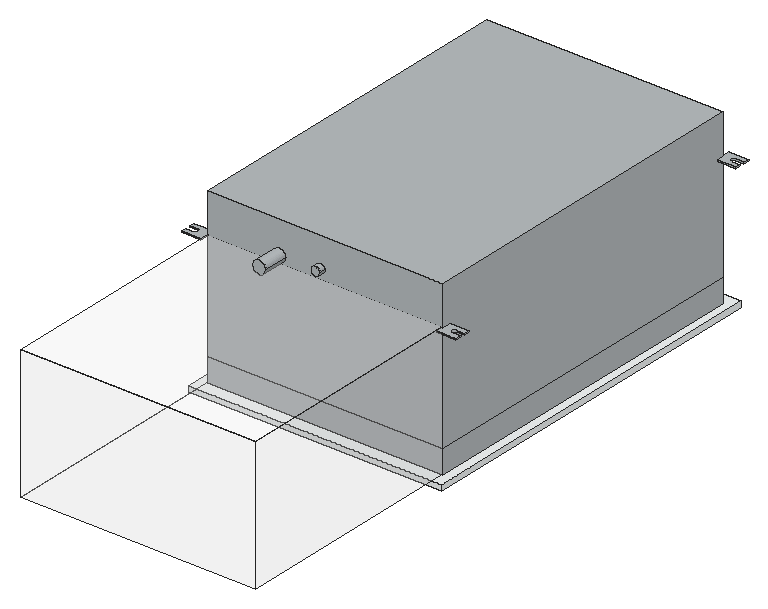
Revit family "tka-2200c-60_60Hz", category 機械設備, Revit 2019
Family settings
  丸型コネクタ寸法 = 直径を使用
  パーツ タイプ = 標準
  OmniClass 番号 = 23.75.10.34.21
  OmniClass タイトル = Heat Exchangers for Ventilation Air
  作業面ベース = いいえ
  常に垂直 = はい
  ロード時にボイドで切り取り = いいえ
  共有 = いいえ
  部屋計算ポイント = はい
Parameters (values of type "TKA-2200C-60")
  高さ調整可能範囲 = 60 mm
  騒音レベル(dB(A)) = 39
  風量 = 630.0 m³/h
  面風速 = 0.0 m/s
  電源種別 [instance] = "一般"
  電圧 = 100 V
  電動機出力 = 0 W
  集中コントローラ = ""
  運転質量 = 0.00 kg
  連動 [instance] = ""
  質量 = if(製品質量 > 運転質量, 製品質量, 運転質量) * 1.2  # 48.00 kg
  負荷分類 = 3_ファン類
  説明 = "業務用単独加湿ユニット カセット形"
  設計風量 = 0.0 m³/h
  設置方法 = "カセット形"
  記号 [instance] = ""
  製造元 = "MITSUBISHI ELECTRIC"
  製品質量 = 40.00 kg
  製品出荷対象 = "国内"
  製品リリース年月 = "2020/12/1"
  製品グループ = ""
  給水管_W = 314 mm
  給水管_H = 305 mm
  給水管_Depth = 15.7 mm
  系統 [instance] = ""
  符号 = "HUM"
  積算_科目 = "1 空気調和設備"
  積算_拾い区分 [instance] = ""
  相 = 1
  盤記号 [instance] = ""
  発停方法 [instance] = "別売リモコン"
  特殊仕様 [instance] = ""
  点検口高さ = 0 mm
  点検口離隔 = 150 mm
  点検口_Depth = 450 mm
  点検口 = yes
  火災停止 [instance] = ""
  温度交換効率 = 0.00%
  消費電力_加湿器 = 0 W
  消費電力 = 102 W
  法定耐用年数 = "15"
  機外静圧_排気 = 0.0 Pa
  機外静圧 = 0.0 Pa
  構成部品 = "インテリアパネル"
  極数 = 2
  材質 [instance] = ""
  本体マテリアル = 溶融亜鉛めっき鋼板
  有効加湿量 = 2.2
  操作・制御方式 = ""
  操作・制御スイッチ = ""
  排気量 = 0.0 m³/h
  形式_加湿器 = ""
  形式 = "滴下浸透気化式"
  幹線記号 [instance] = ""
  対象室 [instance] = ""
  実風量 = 0.0 m³/h
  始動方式 [instance] = "直入"
  天吊金具_径 = 6.5 mm
  天吊金具_幅 = 20 mm
  外気量 = 0.0 m³/h
  呼称 = "加湿器"
  周波数 = 60 Hz
  天吊金具ピッチ2 = 897 mm
  天吊金具ピッチ1 = 664 mm
  天吊金具_高さ = 100 mm
  参照している仕様書等のバージョン = ""
  加湿給水管径 = 21.7 mm
  初期抵抗 = 0.0 Pa
  分類コード = "50052504100080"
  分類グループ = ""
  価格 = 298000
  企業コード = "108420"
  付属品_フィルター_還気 = ""
  付属品_フィルター = ""
  付属品 [instance] = ""
  仕様書バージョン = "Version1.0"
  モデル = "TKA-2200C-60"
  メンテナンススペース = yes
  パネルマテリアル = 樹脂成形
  ドレン管径 = 32 mm
  ドレン管_W = 420 mm
  ドレン管_H = 298 mm
  ドレン管_Depth = 63.5 mm
  コメント [instance] = ""
  Keynote = ""
  エンタルピ交換効率_暖房 = 0.00%
  エンタルピ交換効率_冷房 = 0.00%
  Assembly Code = ""
  Width = 604 mm
  Version = ""
  Uniclass2015Version = "Systems v1.9"
  Uniclass2015Title = "Thermal wheels"
  Uniclass2015Code = "Pr_60_60_36_88"
  URL = "https://www.mitsubishielectric.co.jp/ldg/wink/ssl/displayProduct.do?pid=309470"
  SpecificationReference = ""
  SpecificationDescription = ""
  SAサイズ_D = 0 mm
  Revision = ""
  RAサイズ_D = 0 mm
  ProductInformation = ""
  Panel_Width = 647 mm
  Panel_Height = 15 mm
  Panel_Depth = 960 mm
  OmniClassCode = "23-27 23 19 11"
  OAサイズ_W = 0 mm
  OAサイズ_D = 0 mm
  MIN風量 = 390.0 m³/h
  MIN静圧 = 0.0 Pa
  MAX風量 = 630.0 m³/h
  MAX静圧 = 0.0 Pa
  IfcTypeProduct = ""
  IfcProduct = ""
  IfcExportType = "ROTARYWHEEL"
  IfcExportAs = "IfcAirToAirHeatRecoveryType"
  Height = 380 mm
  EAサイズ_W = 0 mm
  EAサイズ_D = 0 mm
  Depth = 897 mm
  Clearance Top = 340 mm
  Clearance Left = 600 mm
  Clearance Front = 600 mm
  Author = "MITSUBISHI ELECTRIC"
Reference planes
  plane 1 "中心(正面/背面)": y = 0
  plane 2: z = 0
  plane 3 "中心(左/右)": x = 0
  plane 4: x = -302
  plane 5: x = 302
  plane 6: y = 448.5
  plane 7: y = -448.5
  plane 8: x = -332
  plane 9: x = 332
  plane 10: y = 448.5
  plane 11: y = -448.5
  plane 12: x = -352
  plane 13: y = 468.5
  plane 14: y = 428.5
  plane 15: y = -428.5
  plane 16: y = -468.5
  plane 17: z = 340
  plane 18: z = 337
  plane 19: x = 352
  plane 20: z = 440
  plane 21: y = -1048.5
  plane 22: y = -598.5
  plane 23: x = 225
  plane 24: x = -225
  plane 25: x = -323.5
  plane 26: x = 323.5
  plane 27: y = 480
  plane 28: y = -480
  plane 29: z = 60
  plane 30: z = -15
  plane 31: z = 340
  plane 32: z = 365
  plane 33: x = -12
  plane 34: x = -118
  plane 35: z = 358
  plane 36: y = -512
  plane 37: y = -464.2
Forms (mm)
  Extrusion 1, solid, material "溶融亜鉛めっき鋼板" <- "本体マテリアル", detail levels fine
    sketch origin (0, 0, 0) x (1, 0, 0) y (0, 1, 0)
      loop
        line (-302, 448.5) -> (-302, -448.5) -> (302, -448.5) -> (302, 448.5) -> (-302, 448.5)
    from 440 to 60
  Extrusion 2, solid, material "溶融亜鉛めっき鋼板" <- "本体マテリアル", detail levels fine
    sketch origin (0, 0, 0) x (1, 0, 0) y (0, 1, 0)
      loop
        line (-352, 468.5) -> (-352, 455) -> (-332, 455)
        arc (-332, 455) -> (-325.5, 448.5) -> (-332, 442) r 6.5
        line (-332, 442) -> (-352, 442) -> (-352, 428.5) -> (-302, 428.5) -> (-302, 468.5) -> (-352, 468.5)
    from 340 to 337
  Extrusion 3, solid, material "溶融亜鉛めっき鋼板" <- "本体マテリアル", detail levels fine
    sketch origin (0, 0, 0) x (1, 0, 0) y (0, 1, 0)
      loop
        line (-352, -468.5) -> (-302, -468.5) -> (-302, -428.5) -> (-352, -428.5) -> (-352, -442) -> (-332, -442)
        arc (-332, -442) -> (-325.5, -448.5) -> (-332, -455) r 6.5
        line (-332, -455) -> (-352, -455) -> (-352, -468.5)
    from 340 to 337
  Extrusion 4, solid, material "溶融亜鉛めっき鋼板" <- "本体マテリアル", detail levels fine
    sketch origin (0, 0, 0) x (-1, 0, 0) y (0, -1, 0)
      loop
        line (-352, 468.5) -> (-352, 455) -> (-332, 455)
        arc (-332, 455) -> (-325.5, 448.5) -> (-332, 442) r 6.5
        line (-332, 442) -> (-352, 442) -> (-352, 428.5) -> (-302, 428.5) -> (-302, 468.5) -> (-352, 468.5)
    from 340 to 337
  Extrusion 5, solid, material "溶融亜鉛めっき鋼板" <- "本体マテリアル", detail levels fine
    sketch origin (0, 0, 0) x (-1, 0, 0) y (0, -1, 0)
      loop
        line (-352, -468.5) -> (-302, -468.5) -> (-302, -428.5) -> (-352, -428.5) -> (-352, -442) -> (-332, -442)
        arc (-332, -442) -> (-325.5, -448.5) -> (-332, -455) r 6.5
        line (-332, -455) -> (-352, -455) -> (-352, -468.5)
    from 340 to 337
  Extrusion 6, solid, material "溶融亜鉛めっき鋼板" <- "本体マテリアル"
    sketch origin (0, 0, 0) x (1, 0, 0) y (0, 1, 0)
      loop
        line (302, 448.5) -> (-302, 448.5) -> (-302, -448.5) -> (302, -448.5) -> (302, 448.5)
    from 0 to 60
  Extrusion 7, solid, material "樹脂成形" <- "パネルマテリアル"
    sketch origin (0, 0, 0) x (1, 0, 0) y (0, 1, 0)
      loop
        line (323.5, 480) -> (-323.5, 480) -> (-323.5, -480) -> (323.5, -480) -> (323.5, 480)
    from -15 to 0
  Extrusion 8, solid, material "溶融亜鉛めっき鋼板" <- "本体マテリアル"
    sketch origin (0, 0, 0) x (1, 0, 0) y (0, 0, 1)
      loop
        circle (-12, 365) r 10.85
    from 448.5 to 464.2
  Extrusion 9, solid, material "溶融亜鉛めっき鋼板" <- "本体マテリアル"
    sketch origin (0, 0, 0) x (1, 0, 0) y (0, 0, 1)
      loop
        circle (-118, 358) r 16
    from 448.5 to 512
Lines and regions (mm)
  Masking region 1, detail levels coarse+medium
    outline origin (1326.5, 29, 0) x (1, 0, 0) y (0, 1, 0)
      loop
        line (-1628.5, 419.5) -> (-1628.5, -477.5) -> (-1024.5, -477.5) -> (-1024.5, 419.5) -> (-1628.5, 419.5)
  symbolic lines, detail levels coarse+medium
    curve 1: line (0, 448.5, 0) -> (-302, 0, 0)
    curve 2: line (-302, 0, 0) -> (0, -448.5, 0)
    curve 3: line (0, -448.5, 0) -> (302, 0, 0)
    curve 4: line (302, 0, 0) -> (0, 448.5, 0)
Dimensions and locks
  equal spacing: plane 4, plane 3 "中心(左/右)", plane 5
  "Width": plane 4 to plane 5
  equal spacing: plane 6, plane 1 "中心(正面/背面)", plane 7
  "Depth": plane 6 to plane 7
  equal spacing: plane 8, plane 3 "中心(左/右)", plane 9
  "天吊金具ピッチ1": plane 8 to plane 9
  equal spacing: plane 10, plane 1 "中心(正面/背面)", plane 11
  "天吊金具ピッチ2": plane 10 to plane 11
  equal spacing: plane 13, plane 10, plane 14
  locked: plane 13 to plane 14 at 40
  "天吊金具_幅": plane 12 to plane 8
  locked: plane 17 to plane 18 at 3
  equal spacing: plane 15, plane 11, plane 16
  locked: plane 15 to plane 16 at 40
  "天吊金具_幅": plane 9 to plane 19
  "天吊金具_高さ": plane 20 to plane 17
  "Clearance Front": plane 7 to plane 21
  "点検口離隔": plane 7 to plane 22
  equal spacing: plane 24, plane 3 "中心(左/右)", plane 23
  "点検口_Depth": plane 24 to plane 23
  equal spacing: plane 25, plane 3 "中心(左/右)", plane 26
  "Panel_Width": plane 25 to plane 26
  equal spacing: plane 27, plane 1 "中心(正面/背面)", plane 28
  "Panel_Depth": plane 27 to plane 28
  "Clearance Top": plane 31 to level
  "高さ調整可能範囲": plane 29 to level
  "Height": plane 20 to plane 29
  "Panel_Height": level to plane 30
  "給水管_H": plane 32 to plane 29
  "給水管_W": plane 5 to plane 33
  "ドレン管_H": plane 35 to plane 29
  "ドレン管_W": plane 5 to plane 34
  "ドレン管_Depth": plane 7 to plane 36
  "給水管_Depth": plane 7 to plane 37
  "天吊金具_径": radius of Extrusion 2 sketch curve
  "天吊金具_径": radius of Extrusion 3 sketch curve
  "天吊金具_径": radius of Extrusion 4 sketch curve
  "天吊金具_径": radius of Extrusion 5 sketch curve
  "加湿給水管径": diameter of Extrusion 8 sketch curve
  "ドレン管径": diameter of Extrusion 9 sketch curve
  aligned and locked: level to plane 2
  aligned and locked: Masking region 1 to plane 4
  aligned and locked: plane 5 to Masking region 1
  aligned and locked: plane 6 to Masking region 1
  aligned and locked: Masking region 1 to plane 7
  aligned and locked: plane 9 to nested 2
  aligned and locked: plane 8 to nested 2
  aligned and locked: nested 2 to plane 11
  aligned and locked: plane 10 to nested 2
  aligned and locked: plane 4 to Extrusion 2
  aligned and locked: Extrusion 2 to plane 12  (x2)
  aligned and locked: plane 13 to Extrusion 2
  aligned and locked: Extrusion 2 to plane 17
  aligned and locked: Extrusion 2 to plane 18
  aligned and locked: plane 4 to Extrusion 3
  aligned and locked: plane 15 to Extrusion 3
  aligned and locked: Extrusion 3 to plane 16
  aligned and locked: Extrusion 3 to plane 12  (x2)
  aligned and locked: Extrusion 3 to Extrusion 2  (x2)
  aligned and locked: Extrusion 5 to plane 19  (x2)
  aligned and locked: Extrusion 5 to plane 14
  aligned and locked: plane 13 to Extrusion 5
  aligned and locked: Extrusion 4 to plane 19
  aligned and locked: Extrusion 4 to plane 16
  aligned and locked: Extrusion 4 to plane 5
  aligned and locked: plane 15 to Extrusion 4
  aligned and locked: Extrusion 4 to plane 18
  aligned and locked: plane 17 to Extrusion 4
  aligned and locked: Extrusion 5 to plane 18
  aligned and locked: plane 17 to Extrusion 5
  aligned and locked: plane 20 to Extrusion 1
  aligned and locked: nested 1 to plane 21
  aligned and locked: nested 1 to plane 7
  aligned and locked: plane 21 to nested 3
  aligned and locked: plane 22 to nested 3
  aligned and locked: plane 23 to nested 3
  aligned and locked: plane 24 to nested 3
  aligned and locked: plane 6 to Extrusion 6 sketch curve
  aligned and locked: plane 5 to Extrusion 6 sketch curve
  aligned and locked: Extrusion 6 sketch curve to plane 7
  aligned and locked: Extrusion 6 sketch curve to plane 4
  aligned and locked: plane 31 to nested 1
  aligned and locked: plane 2 to nested 1
  aligned and locked: Extrusion 1 to plane 29
  aligned and locked: plane 29 to Extrusion 6
  aligned and locked: Extrusion 6 to level
  aligned and locked: plane 27 to Extrusion 7 sketch curve
  aligned and locked: plane 26 to Extrusion 7 sketch curve
  aligned and locked: Extrusion 7 sketch curve to plane 28
  aligned and locked: Extrusion 7 sketch curve to plane 25
  aligned and locked: Extrusion 7 to plane 30
  aligned and locked: level to Extrusion 7
  aligned and locked: Extrusion 8 to plane 37
  aligned and locked: plane 7 to Extrusion 8
  aligned and locked: Extrusion 9 to plane 36
  aligned and locked: plane 7 to Extrusion 9
  aligned and locked: plane 5 to nested 1
  aligned and locked: plane 4 to nested 1
Automatic sketch dimensions
  plane 1 "中心(正面/背面)" to curve 1 = 0 mm
  curve 1 to plane 4 = 0 mm
  curve 2 to plane 3 "中心(左/右)" = 0 mm
  curve 4 to plane 3 "中心(左/右)" = 0 mm
  plane 1 "中心(正面/背面)" to curve 4 = 0 mm
  curve 4 to plane 5 = 0 mm
  curve 2 to plane 7 = 0 mm
  curve 4 to plane 6 = 0 mm
  Extrusion 1 sketch curve to plane 4 = 0 mm
  Extrusion 1 sketch curve to plane 5 = 0 mm
  Extrusion 1 sketch curve to plane 7 = 0 mm
  Extrusion 1 sketch curve to plane 6 = 0 mm
  Masking region 1 sketch curve to plane 4 = 0 mm
  Masking region 1 sketch curve to plane 5 = 0 mm
  Masking region 1 sketch curve to plane 7 = 0 mm
  Masking region 1 sketch curve to plane 6 = 0 mm
  Extrusion 2 sketch curve to plane 12 = 0 mm  (x2)
  Extrusion 2 sketch curve to plane 8 = 0 mm
  Extrusion 2 sketch curve to plane 4 = 0 mm
  Extrusion 2 sketch curve to plane 14 = 0 mm
  Extrusion 2 sketch curve to plane 6 = 0 mm
  Extrusion 2 sketch curve to plane 13 = 0 mm
  Extrusion 3 sketch curve to plane 12 = 0 mm  (x2)
  Extrusion 3 sketch curve to plane 8 = 0 mm
  Extrusion 3 sketch curve to plane 4 = 0 mm
  Extrusion 3 sketch curve to plane 15 = 0 mm
  Extrusion 3 sketch curve to plane 7 = 0 mm
  Extrusion 3 sketch curve to plane 16 = 0 mm
  Extrusion 4 sketch curve to plane 16 = 0 mm
  Extrusion 4 sketch curve to plane 19 = 0 mm  (x2)
  Extrusion 4 sketch curve to plane 9 = 0 mm
  Extrusion 4 sketch curve to plane 5 = 0 mm
  Extrusion 4 sketch curve to plane 15 = 0 mm
  Extrusion 4 sketch curve to plane 7 = 0 mm
  Extrusion 5 sketch curve to plane 13 = 0 mm
  Extrusion 5 sketch curve to plane 19 = 0 mm  (x2)
  Extrusion 5 sketch curve to plane 9 = 0 mm
  Extrusion 5 sketch curve to plane 5 = 0 mm
  Extrusion 5 sketch curve to plane 14 = 0 mm
  Extrusion 5 sketch curve to plane 6 = 0 mm
  Extrusion 8 sketch curve to plane 32 = 0 mm
  Extrusion 8 sketch curve to plane 33 = 0 mm
  Extrusion 9 sketch curve to plane 34 = 0 mm
  Extrusion 9 sketch curve to plane 35 = 0 mm
Nested families
  nested 1: "メンテナンススペース" at (0, -748.5, 170), visible <- "メンテナンススペース", type "メンテナンススペース"
    with Width 604 mm, Height 340 mm, Depth 600 mm
  nested 2: "固定点" at (-332, -448.5, 0), type "固定点"
    with W 664 mm, D 897 mm
  nested 3: "点検口設置範囲" at (0, -823.5, 0), built-in parameter 1001364 <- "点検口高さ", visible <- "点検口", type "点検口設置範囲"
    with Width 450 mm, Depth 450 mm
Connectors
  electrical at (302, 0, 250), driven by "極数", driven by "負荷分類", driven by "電圧", driven by "消費電力"
    settings: on Extrusion 1, index 1, voltage 100 V, apparent load 102 VA, apparent load phase1 0 VA, apparent load phase2 0 VA, apparent load phase3 0 VA, power factor 1, load classification "3_ファン類", number of poles 2, system type 30, power factor state 1, is connector primary yes, connector utility no, sub classification motor no, connector description ""
Definition of nested family "メンテナンススペース"
  Parameters (values of type "メンテナンススペース")
    Width [instance] = 500 mm
    Height [instance] = 500 mm
    Depth [instance] = 500 mm
  Reference planes
    plane 1 "中心(正面/背面)": y = 0
    plane 2: z = 0
    plane 3 "中心(左/右)": x = 0
    plane 4: y = -250
    plane 5: x = 250
    plane 6: y = 250
    plane 7: x = -250
    plane 8: z = 250
    plane 9: z = -250
  Forms (mm)
    Extrusion 1, solid
      sketch origin (-638.939, 0, 72.39) x (1, 0, 0) y (0, 1, 0)
        loop
          line (388.939, 250) -> (388.939, -250) -> (888.939, -250) -> (888.939, 250) -> (388.939, 250)
      from -322.39 to 177.61
  Lines and regions (mm)
    symbolic lines
      curve 1: line (-250, 0, 250) -> (250, 0, 250)
      curve 2: line (-250, 0, -250) -> (-250, 0, 250)
      curve 3: line (250, 0, -250) -> (-250, 0, -250)
      curve 4: line (250, 0, 250) -> (250, 0, -250)
      curve 5: line (0, -250, 250) -> (0, 250, 250)
      curve 6: line (0, -250, -250) -> (0, -250, 250)
      curve 7: line (0, 250, -250) -> (0, -250, -250)
      curve 8: line (0, 250, 250) -> (0, 250, -250)
      curve 9: line (-250, 250, 0) -> (250, 250, 0)
      curve 10: line (-250, -250, 0) -> (-250, 250, 0)
      curve 11: line (250, -250, 0) -> (-250, -250, 0)
      curve 12: line (250, 250, 0) -> (250, -250, 0)
  Dimensions and locks
    equal spacing: plane 7, plane 3 "中心(左/右)", plane 5
    equal spacing: plane 4, plane 1 "中心(正面/背面)", plane 6
    "Depth": plane 4 to plane 6
    "Width": plane 7 to plane 5
    equal spacing: plane 8, plane 2, plane 9
    "Height": plane 8 to plane 9
    aligned and locked: plane 9 to curve 3
    aligned and locked: plane 7 to curve 2
    aligned and locked: curve 4 to plane 5
    aligned and locked: plane 5 to Extrusion 1
    aligned and locked: Extrusion 1 to plane 7
    aligned and locked: Extrusion 1 to plane 9
    aligned and locked: plane 8 to Extrusion 1
    aligned and locked: plane 9 to curve 7
  Automatic sketch dimensions
    plane 4 to Extrusion 1 sketch curve = 0 mm
    Extrusion 1 sketch curve to plane 7 = 0 mm
    Extrusion 1 sketch curve to plane 5 = 0 mm
    plane 6 to Extrusion 1 sketch curve = 0 mm
    curve 2 to plane 8 = 0 mm
    plane 4 to curve 11 = 0 mm
    curve 11 to plane 7 = 0 mm
    curve 11 to plane 5 = 0 mm
    plane 6 to curve 10 = 0 mm
    curve 7 to plane 4 = 0 mm
    curve 7 to plane 6 = 0 mm
    curve 6 to plane 8 = 0 mm
Definition of nested family "固定点"
  Parameters (values of type "固定点")
    中心円 = 20 mm
    W [instance] = 1000 mm
    D [instance] = 1000 mm
  Reference planes
    plane 1 "中心(正面/背面)": y = 0
    plane 2: z = 0
    plane 3 "中心(左/右)": x = 0
    plane 4: x = 1000
    plane 5: y = 1000
  Lines and regions (mm)
    symbolic lines, detail levels fine
      curve 1: circle (0, 1000, 0) r 10 normal (0, 0, 1)
      curve 2: circle (0, 0, 0) r 10 normal (0, 0, 1)
      curve 3: circle (1000, 1000, 0) r 10 normal (0, 0, 1)
      curve 4: circle (1000, 0, 0) r 10 normal (0, 0, 1)
      curve 5: line (-200, 1000, 0) -> (1200, 1000, 0)
      curve 6: line (-200, 0, 0) -> (1200, 0, 0)
      curve 7: line (0, 1200, 0) -> (0, -200, 0)
      curve 8: line (1000, 1200, 0) -> (1000, -200, 0)
  Dimensions and locks
    "W": plane 3 "中心(左/右)" to plane 4
    "D": plane 1 "中心(正面/背面)" to plane 5
    "中心円": diameter of curve 1
    "中心円": diameter of curve 2
    "中心円": diameter of curve 3
    "中心円": diameter of curve 4
    aligned and locked: level to plane 2
    aligned and locked: plane 5 to curve 1
    aligned and locked: plane 3 "中心(左/右)" to curve 1
    aligned and locked: plane 3 "中心(左/右)" to curve 2
    aligned and locked: plane 1 "中心(正面/背面)" to curve 2
    aligned and locked: plane 4 to curve 3
    aligned and locked: plane 5 to curve 3
    aligned and locked: plane 1 "中心(正面/背面)" to curve 4
    aligned and locked: plane 4 to curve 4
    aligned and locked: plane 1 "中心(正面/背面)" to curve 6
    aligned and locked: curve 7 to plane 3 "中心(左/右)"
    aligned and locked: curve 8 to plane 4
  Automatic sketch dimensions
    curve 5 to plane 5 = 0 mm
    curve 6 to plane 3 "中心(左/右)" = 200 mm
    curve 5 to plane 3 "中心(左/右)" = 200 mm
    curve 4 to curve 6 = 200 mm
    curve 3 to curve 5 = 200 mm
    plane 1 "中心(正面/背面)" to curve 8 = 200 mm
    plane 1 "中心(正面/背面)" to curve 7 = 200 mm
    curve 3 to curve 8 = 200 mm
    curve 1 to curve 7 = 200 mm
Definition of nested family "点検口設置範囲"
  Parameters (values of type "点検口設置範囲")
    Width [instance] = 1000 mm
    Depth [instance] = 700 mm
  Reference planes
    plane 1 "中心(正面/背面)": y = 0
    plane 2: z = 0
    plane 3 "中心(左/右)": x = 0
    plane 4: x = -500
    plane 5: x = 500
    plane 6: y = -350
    plane 7: y = 350
  Lines and regions (mm)
    model lines
      curve 1: line (-500, 350, 0) -> (500, 350, 0)
      curve 2: line (-500, -350, 0) -> (-500, 350, 0)
      curve 3: line (500, -350, 0) -> (-500, -350, 0)
      curve 4: line (500, 350, 0) -> (500, -350, 0)
  Dimensions and locks
    "Depth": plane 7 to plane 6
    "Width": plane 4 to plane 5
    equal spacing: plane 7, plane 1 "中心(正面/背面)", plane 6
    equal spacing: plane 4, plane 3 "中心(左/右)", plane 5
    aligned and locked: level to plane 2
    aligned and locked: plane 4 to curve 2
    aligned and locked: curve 1 to plane 7
    aligned and locked: curve 4 to plane 5
    aligned and locked: plane 6 to curve 3
